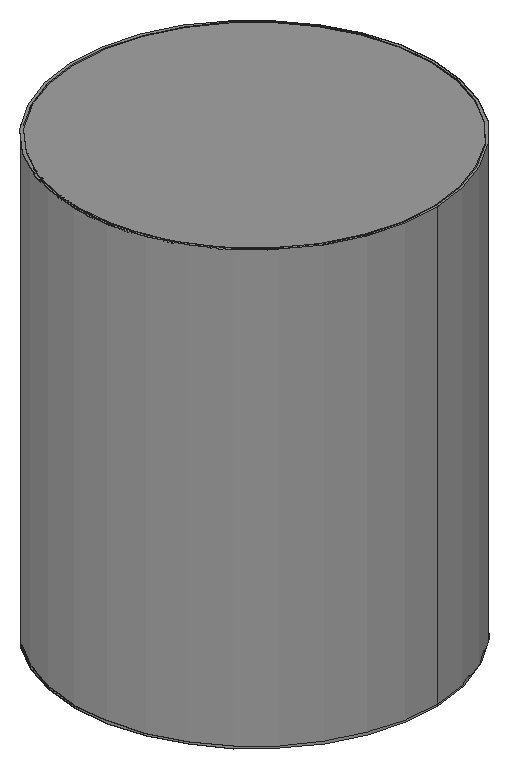
Revit family "Artemide_Tagora_Ceiling_270", category Lighting Fixtures, Revit 2018
Family settings
  Round Connector Dimension = Use Diameter
  Part Type = Normal
  Work Plane-Based = Yes
  Always vertical = Yes
  Cut with Voids When Loaded = No
  Light Source = Yes
  Shared = No
  Room Calculation Point = No
Parameters (values of type "Tagora_Ceiling_270_32°_3000K_Beige/White_M248621")
  Wattage = 34 W
  built-in parameter 1150110 = 1 (stored number, unit not read)
  Voltage = "-"
  built-in parameter 1114217 = 1 (stored number, unit not read)
  Tilt Angle = 90.00°
  built-in parameter 1150109 = 1 (stored number, unit not read)
  built-in parameter 1150134 = (empty or 0)
  built-in parameter 1150113 = 1 (stored number, unit not read)
  Radius_InternalCylinder = Radius_ExternalCyilinder - 2 mm  # 133 mm
  Radius_ExternalCyilinder = 135 mm
  Product Range = "Tagora"
  Photometric Web File = "M248621.IES"
  Max Height from ceiling = 0 mm
  M_HousingCylinder = Artemide_Aluminum_Beige
  M_Housing = Artemide_Aluminum_White
  M_Diffuser = Artemide_Glass_LightBulb
  built-in parameter 1150105 = 130.17 (stored number, unit not read)
  Lumens = 1635.74 lm
  built-in parameter 1150115 = 1 (stored number, unit not read)
  built-in parameter 1150137 = (empty or 0)
  built-in parameter 1150139 = (empty or 0)
  built-in parameter 1150112 = 1 (stored number, unit not read)
  built-in parameter 1150114 = 1 (stored number, unit not read)
  built-in parameter 1150132 = (empty or 0)
  built-in parameter 1150102 = (empty or 0)
  built-in parameter 1150107 = 3000 (stored number, unit not read)
  built-in parameter 1150138 = (empty or 0)
  built-in parameter 1150106 = 1.3017 (stored number, unit not read)
  IfcExportType = "NOT DEFINED"  # constant formula
  IfcExportAs = "IfcLightFixtureType"  # constant formula
  Weekly = "-"
  Warranty ID = "https://cloud.artemide.com/5-years-warranty"
  Upward Component  = 0
  Unified Glare Rating  = "-"
  Uniclass 2015 = "Pr_70_70_48"  # constant formula
  URL to O&M Manual = "https://www.artemide.com/contents/documenti/prodotto/tagora_soffitto_270_instructions2487976.pdf"
  URL to Energy Technology List = "-"
  Trim Material = "-"
  Trim Finish = "-"
  Trim Colour  = "-"
  Total Power = 0
  Total Light Output  = 0
  Testing method = "-"
  Supply Phase = 0
  Suitable for Photocell Control = "-"
  Suitable for Motion Detector Control = "N"
  Suitable for Dimming  = "Y"
  Suitable Dimmer Type = "DALI"
  Standards = "-"
  Shipping Weight = 0
  Service life  = "-"
  Secondary Rated Lamp Life = 0
  Secondary Lamp Voltage = 0
  Secondary Lamp International Type Code = "-"
  Secondary Lamp Initial Lumens  = 0
  Secondary Lamp Included = "-"
  Secondary Lamp Efficacy = 0
  Secondary Lamp Colour Temperature = 0
  Secondary Lamp Colour Rendering Index = 0
  Secondary Lamp Cap = "-"
  Secondary Lamp = "-"
  Responsible Sourcing of Materials = "-"
  Responsible Extraction of Materials = "-"
  Reflector Material = "-"
  Reflector Finish = "-"
  Rated Lamp Life = 50000
  Quarterly = "-"
  Product Model Number = "M248621"
  Product Literature = "https://www.artemide.com/en/subfamily/1650623/tagora-ceiling-270"
  Primary Lamp Type = "LED"
  Power Supply Kit = "-"
  Power Factor = 0
  Photocell = "-"
  Overall Width = 0
  Overall Light Output Ratio = 0
  Overall Length = 270
  Overall Height = 330
  Output Lumens Indirect light = 0
  Output Lumens Direct light = 1636
  Number of Secondary Lamps = 0
  Number of Primary Lamps = 1
  Number of Poles = 0
  Motion Sensor = "-"
  Motion Detector = "-"
  Monthly = "-"
  Minimum Operating Temperature = 0
  Maximum Operating Temperature = 0
  Material Ingredient Reporting = "-"
  Manufacturer Website = "https://www.artemide.com"
  Manufacturer = "Artemide"
  Maintenance Required: 8001-12000hrs  = "-"
  Maintenance Required: 601-1000hrs = "-"
  Maintenance Required: 4001-8000hrs  = "-"
  Maintenance Required: 301-600hrs  = "-"
  Maintenance Required: 2001-4000hrs  = "-"
  Maintenance Required: 1001-2000hrs  = "-"
  Maintenance Required: 0-300hrs  = "-"
  Luminance at 65deg Angle = 0
  Luminaire Type = "Ceiling lamp"
  Luminaire Maintenance Factor = 0
  Luminaire Cleaning Interval  = "-"
  Louvre/Lens = "-"
  Location of Manufacturer = "-"
  Light Output Pattern = "-"
  Light Fixture Mounting Type = "Ceiling"
  Life Cycle Analysis = "-"
  Lamp Survival Factor = "-"
  Lamp Replacement Interval = "-"
  Lamp Included = "Y"
  Lamp Holder Material = "-"
  Lamp Cap = "LED Integrated"
  LED lifetime = 50000
  LED Maintained Colour Variation         = 0
  LED Initial Colour Variation                      = 0
  International Type Code = "-"
  Intended Market = "Unset"
  Integral Fuse or Circuit Protection  = "-"
  Integral Emergency Lighting Battery Type = "-"
  Input Lumens Indirect light = 0
  Input Lumens Direct light = 3798
  Initial Lumens = 1636
  Infills = "-"
  IP Rating = "IP20"
  IK Rating = "-"
  IES Files  = "https://www.artemide.com/product/downloadFile/1678534/ieseu/4887678"
  Housing Material = "Aluminium"
  Housing Finish  = "Painted"
  Housing Colour  = "Beige/White"
  Hazardous Area Protection Type = "-"
  Hazardous Area Category = "-"
  Gross Weight = 4.8
  Green Guide for Specification = "-"
  Gasket Material = "-"
  Frequency  = 0
  Fixings = "-"
  Fixing Material = "-"
  Fire Shroud = "-"
  Fire Rating Duration = 0
  Fire Rated Temperature = 0
  Fire Rated = "-"
  Features = "Any additional components/accessories included in this file are required to complete the product/configuration and must be ordered separately.Please check the catalogue/dedicated brochure for more information"
  Face Width = 0
  Face Shape = "Cylindrical"
  Face Length = 0
  External Control Line Voltage = 0
  Expected Life = "-"
  Environmental Product Declaration = "-"
  End Caps/Transition Caps/Joints = "-"
  Emit from Circle Diameter = 122.7 mm
  Emit Shape Visible in Rendering = no
  Emergency light output percentage = 0
  Emergency Lighting Battery = "-"
  Emergency Charging Power       = 0
  Emergency = "N"
  Embodied Carbon  = 0
  Efficiency = 43
  built-in parameter 1150104 = 4.4696 (stored number, unit not read)
  Earth Point  = "-"
  ENEC Certification of European conformity = "N"
  Duration of Integral Emergency Lighting  = 0
  Drive Current                                          = 0
  Downward Component = 0
  Distance_HeightLamp = 329.5 mm
  Dimming Lamp Color Temperature Shift = <None>
  Diffusing screen = "-"
  Diffuser Material  = "-"
  Diffuser Finish = "-"
  Designed by = "S./R. Cornelissen"
  Default Elevation = 1219.2 mm
  Daylight Sensor = "-"
  Daily = "-"
  Cut Out Width = 0
  Cut Out Length = 0
  Current  = 0
  Control Gear Type = "-"
  Control Gear Standby Power  = 0
  Control Gear Required = "-"
  Control Gear Location = "-"
  Column = "-"
  Colour Temperature = 3000
  Colour Rendering Index = 90
  Color Filter = 16777215
  Cable Material = "-"
  CE Approval = "Y"
  Bespoke Timeframe = "-"
  Beam Angle Transverse Axis  = 0.00°
  Beam Angle Longditudinal Axis  = 0.00°
  Basis of lifetime luminaire failures        = 0
  Basis of lifetime lumen depreciation   = 0
  built-in parameter 1114218 = 1 (stored number, unit not read)
  built-in parameter 1150133 = 10 (stored number, unit not read)
  Application Environment = "Internal"
  Annually = "-"
  Ambient Temperature                             = 0
  Air Handling = "-"
  Access Clearance Top = 0
  Access Clearance Right = 0
  Access Clearance Rear = 0
  Access Clearance Left = 0
  Access Clearance Front = 0
  Access Clearance Bottom = 0
  6 Monthly = "-"
Types (20, lengths in mm): name | built-in parameter 1150134 | Photometric Web File | Max Height from ceiling | M_HousingCylinder | M_Housing | built-in parameter 1150105 | Lumens | built-in parameter 1150107 | built-in parameter 1150106 | Product Model Number | Output Lumens Direct light | Input Lumens Direct light | Initial Lumens | IES Files  | Housing Colour  | Efficiency | built-in parameter 1150104 | Colour Temperature
  Tagora_Ceiling_270_16°_3000K_Beige/White_M248421 | (empty or 0) | "M248421.IES" | 0 | Artemide_Aluminum_Beige | Artemide_Aluminum_White | 143.56 (stored number, unit not read) | 1804.04 lm | 3000 (stored number, unit not read) | 1.4356 (stored number, unit not read) | "M248421" | 1804 | 3798 | 1804 | "https://www.artemide.com/product/downloadFile/1676227/ieseu/4887893" | "Beige/White" | 47 | 4.9294 (stored number, unit not read) | 3000
  Tagora_Ceiling_270_16°_4000K_Beige/White_M248521 | 12 | "M248521.IES" | 2000 | Artemide_Aluminum_Beige | Artemide_Aluminum_White | 153.27 (stored number, unit not read) | 1926.1 lm | 4000 (stored number, unit not read) | 1.5327 (stored number, unit not read) | "M248521" | 1926 | 4054 | 1926 | "https://www.artemide.com/product/downloadFile/1676437/ieseu/4887863" | "Beige/White" | 48 | 5.263 (stored number, unit not read) | 4000
  Tagora_Ceiling_270_32°_3000K_Beige/White_M248621 | (empty or 0) | "M248621.IES" | 0 | Artemide_Aluminum_Beige | Artemide_Aluminum_White | 130.17 (stored number, unit not read) | 1635.74 lm | 3000 (stored number, unit not read) | 1.3017 (stored number, unit not read) | "M248621" | 1636 | 3798 | 1636 | "https://www.artemide.com/product/downloadFile/1678534/ieseu/4887678" | "Beige/White" | 43 | 4.4696 (stored number, unit not read) | 3000
  Tagora_Ceiling_270_32°_4000K_Beige/White_M248721 | 12 | "M248721.IES" | 0 | Artemide_Aluminum_Beige | Artemide_Aluminum_White | 138.77 (stored number, unit not read) | 1743.86 lm | 4000 (stored number, unit not read) | 1.3877 (stored number, unit not read) | "M248721" | 1744 | 4054 | 1744 | "https://www.artemide.com/product/downloadFile/1678832/ieseu/4887777" | "Beige/White" | 43 | 4.765 (stored number, unit not read) | 4000
  Tagora_Ceiling_270_16°_3000K_Grey/White_M248461 | (empty or 0) | "M248461.IES" | 0 | Artemide_Aluminum_Grey | Artemide_Aluminum_White | 143.56 (stored number, unit not read) | 1804.04 lm | 3000 (stored number, unit not read) | 1.4356 (stored number, unit not read) | "M248461" | 1804 | 3798 | 1804 | "https://www.artemide.com/product/downloadFile/1676017/ieseu/4887976" | "Grey/White" | 47 | 4.9294 (stored number, unit not read) | 3000
  Tagora_Ceiling_270_16°_4000K_Grey/White_M248561 | 12 | "M248561.IES" | 0 | Artemide_Aluminum_Grey | Artemide_Aluminum_White | 153.27 (stored number, unit not read) | 1926.1 lm | 4000 (stored number, unit not read) | 1.5327 (stored number, unit not read) | "M248561" | 1926 | 4054 | 1926 | "https://www.artemide.com/product/downloadFile/1676729/ieseu/4887604" | "Grey/White" | 48 | 5.263 (stored number, unit not read) | 4000
  Tagora_Ceiling_270_32°_3000K_Grey/White_M248661 | (empty or 0) | "M248661.IES" | 0 | Artemide_Aluminum_Grey | Artemide_Aluminum_White | 130.17 (stored number, unit not read) | 1635.74 lm | 3000 (stored number, unit not read) | 1.3017 (stored number, unit not read) | "M248661" | 1636 | 3798 | 1636 | "https://www.artemide.com/product/downloadFile/1678067/ieseu/4887747" | "Grey/White" | 43 | 4.4696 (stored number, unit not read) | 3000
  Tagora_Ceiling_270_32°_4000K_Grey/White_M248761 | 12 | "M248761.IES" | 0 | Artemide_Aluminum_Grey | Artemide_Aluminum_White | 138.77 (stored number, unit not read) | 1743.86 lm | 4000 (stored number, unit not read) | 1.3877 (stored number, unit not read) | "M248761" | 1744 | 4054 | 1744 | "https://www.artemide.com/product/downloadFile/1678322/ieseu/4887959" | "Grey/White" | 43 | 4.765 (stored number, unit not read) | 4000
  Tagora_Ceiling_270_16°_3000K_Black/Orange_M248411 | (empty or 0) | "M248411.IES" | 0 | Artemide_Aluminum_Black | Artemide_Aluminum_Orange | 143.56 (stored number, unit not read) | 1804.04 lm | 3000 (stored number, unit not read) | 1.4356 (stored number, unit not read) | "M248411" | 1804 | 3798 | 1804 | "https://www.artemide.com/product/downloadFile/1675733/ieseu/4887809" | "Black/Orange" | 47 | 4.9294 (stored number, unit not read) | 3000
  Tagora_Ceiling_270_16°_4000K_Black/Orange_M248511 | 12 | "M248511.IES" | 0 | Artemide_Aluminum_Black | Artemide_Aluminum_Orange | 153.27 (stored number, unit not read) | 1926.1 lm | 4000 (stored number, unit not read) | 1.5327 (stored number, unit not read) | "M248511" | 1926 | 4054 | 1926 | "https://www.artemide.com/product/downloadFile/1676933/ieseu/4887941" | "Black/Orange" | 48 | 5.263 (stored number, unit not read) | 4000
  Tagora_Ceiling_270_32°_3000K_Black/Orange_M248611 | (empty or 0) | "M248611.IES" | 0 | Artemide_Aluminum_Black | Artemide_Aluminum_Orange | 130.17 (stored number, unit not read) | 1635.74 lm | 3000 (stored number, unit not read) | 1.3017 (stored number, unit not read) | "M248611" | 1636 | 3798 | 1636 | "https://www.artemide.com/product/downloadFile/1677853/ieseu/4887840" | "Black/Orange" | 43 | 4.4696 (stored number, unit not read) | 3000
  Tagora_Ceiling_270_32°_4000K_Black/Orange_M248711 | 12 | "M248711.IES" | 0 | Artemide_Aluminum_Black | Artemide_Aluminum_Orange | 138.77 (stored number, unit not read) | 1743.86 lm | 4000 (stored number, unit not read) | 1.3877 (stored number, unit not read) | "M248711" | 1744 | 4054 | 1744 | "https://www.artemide.com/product/downloadFile/1678832/ieseu/4887777" | "Black/Orange" | 43 | 4.765 (stored number, unit not read) | 4000
  Tagora_Ceiling_270_16°_3000K_Black/Blue_M248431 | (empty or 0) | "M248431.IES" | 0 | Artemide_Aluminum_Black | Artemide_Aluminum_Blue | 143.56 (stored number, unit not read) | 1804.04 lm | 3000 (stored number, unit not read) | 1.4356 (stored number, unit not read) | "M248431" | 1804 | 3798 | 1804 | "https://www.artemide.com/product/downloadFile/2487507/ieseu/4887877" | "Black/Blue" | 47 | 4.9294 (stored number, unit not read) | 3000
  Tagora_Ceiling_270_16°_4000K_Black/Blue_M248531 | 12 | "M248531.IES" | 0 | Artemide_Aluminum_Black | Artemide_Aluminum_Blue | 153.27 (stored number, unit not read) | 1926.1 lm | 4000 (stored number, unit not read) | 1.5327 (stored number, unit not read) | "M248531" | 1926 | 4054 | 1926 | "https://www.artemide.com/product/downloadFile/2488258/ieseu/4887704" | "Black/Blue" | 48 | 5.263 (stored number, unit not read) | 4000
  Tagora_Ceiling_270_32°_3000K_Black/Blue_M248631 | (empty or 0) | "M248631.IES" | 0 | Artemide_Aluminum_Black | Artemide_Aluminum_Blue | 130.17 (stored number, unit not read) | 1635.74 lm | 3000 (stored number, unit not read) | 1.3017 (stored number, unit not read) | "M248631" | 1636 | 3798 | 1636 | "https://www.artemide.com/product/downloadFile/2488804/ieseu/4887696" | "Black/Blue" | 43 | 4.4696 (stored number, unit not read) | 3000
  Tagora_Ceiling_270_32°_4000K_Black/Blue_M248731 | 12 | "M248731.IES" | 0 | Artemide_Aluminum_Black | Artemide_Aluminum_Blue | 138.77 (stored number, unit not read) | 1743.86 lm | 4000 (stored number, unit not read) | 1.3877 (stored number, unit not read) | "M248731" | 1744 | 4054 | 1744 | "https://www.artemide.com/product/downloadFile/2489330/ieseu/4887715" | "Black/Blue" | 43 | 4.765 (stored number, unit not read) | 4000
  Tagora_Ceiling_270_16°_3000K_Black/Green_M248441 | (empty or 0) | "M248441.IES" | 0 | Artemide_Aluminum_Black | Artemide_Aluminum_Green | 143.56 (stored number, unit not read) | 1804.04 lm | 3000 (stored number, unit not read) | 1.4356 (stored number, unit not read) | "M248441" | 1804 | 3798 | 1804 | "https://www.artemide.com/product/downloadFile/2487748/ieseu/4887759" | "Black/Green" | 47 | 4.9294 (stored number, unit not read) | 3000
  Tagora_Ceiling_270_16°_4000K_Black/Green_M248541 | 12 | "M248541.IES" | 0 | Artemide_Aluminum_Black | Artemide_Aluminum_Green | 153.27 (stored number, unit not read) | 1926.1 lm | 4000 (stored number, unit not read) | 1.5327 (stored number, unit not read) | "M248541" | 1926 | 4054 | 1926 | "https://www.artemide.com/product/downloadFile/2487997/ieseu/4887972" | "Black/Green" | 48 | 5.263 (stored number, unit not read) | 4000
  Tagora_Ceiling_270_32°_3000K_Black/Green_M248641 | (empty or 0) | "M248641.IES" | 0 | Artemide_Aluminum_Black | Artemide_Aluminum_Green | 130.17 (stored number, unit not read) | 1635.74 lm | 3000 (stored number, unit not read) | 1.3017 (stored number, unit not read) | "M248641" | 1636 | 3798 | 1636 | "https://www.artemide.com/product/downloadFile/2488543/ieseu/4887993" | "Black/Green" | 43 | 4.4696 (stored number, unit not read) | 3000
  Tagora_Ceiling_270_32°_4000K_Black/Green_M248741 | 12 | "M248741.IES" | 0 | Artemide_Aluminum_Black | Artemide_Aluminum_Green | 138.77 (stored number, unit not read) | 1743.86 lm | 4000 (stored number, unit not read) | 1.3877 (stored number, unit not read) | "M248741" | 1744 | 4054 | 1744 | "https://www.artemide.com/product/downloadFile/2489069/ieseu/4887923" | "Black/Green" | 43 | 4.765 (stored number, unit not read) | 4000
Reference planes
  plane 1 "Center (Front/Back)": y = 0
  plane 2 "Top Lamp": z = 0
  plane 3 "Center (Left/Right)": x = 0
  plane 4 "Bottom Internal Cone": z = -328
  plane 5 "Middle Internal Cone": z = -153.5
  plane 6: z = -152
  plane 7 "Top Internal Cone": z = -138.281
  plane 8 "Center L/T": z = -139.781
  plane 9 "Bottom Lamp": z = -329.5
  plane 10 "Light": z = -145.558
  plane 11: z = -1.5
  plane 12: z = -156.117
Forms (mm)
  Extrusion 1, solid, material "Artemide_Aluminum_Beige" <- "M_HousingCylinder"
    sketch origin (0, 0, 0) x (1, 0, 0) y (0, 1, 0)
      loop
        circle (0, 0) r 135
      loop
        circle (0, 0) r 133
    from -328 to 0
  Extrusion 2, solid, material "Artemide_Aluminum_Beige" <- "M_HousingCylinder"
    sketch origin (0, 0, 0) x (1, 0, 0) y (0, 1, 0)
      loop
        circle (0, 0) r 133
    from -1.5 to 0
  Revolve 3, solid, material "Artemide_Aluminum_White" <- "M_Housing"
    sketch origin (0, 0, 0) x (1, 0, 0) y (0, 0, 1)
      loop
        arc (-52.753, -138.281) -> (-57.013, -146.865) -> (-65.106, -152) r 17.814
        line (-65.106, -152) -> (-60.564, -152)
        arc (-60.564, -152) -> (-54.657, -146.841) -> (-51.243, -139.781) r 19.614
        line (-51.243, -139.781) -> (0, -139.781) -> (0, -138.281) -> (-52.753, -138.281)
      axis (0, -138.281) -> (0, -152)
    angle from 0 to 360
  Revolve 4, solid, material "Artemide_Glass_LightBulb" <- "M_Diffuser"
    sketch origin (0, 0, 0) x (1, 0, 0) y (0, 0, 1)
      loop
        arc (-64.134, -152) -> (-61.649, -153.319) -> (-61.35, -156.117) r 3
        line (-61.35, -156.117) -> (0, -156.117) -> (0, -152) -> (-64.134, -152)
      axis (0, -152) -> (0, -156.117)
    angle from 0 to 360
  Revolve 5, solid, material "Artemide_Aluminum_White" <- "M_Housing"
    sketch origin (0, 0, 0) x (1, 0, 0) y (0, 0, 1)
      loop
        line (-74.916, -152) -> (-74.916, -153.5) -> (-64.134, -153.5)
        arc (-64.134, -153.5) -> (-62.892, -154.161) -> (-62.742, -155.561) r 1.502
        line (-62.742, -155.561) -> (-131.916, -328) -> (-135, -328) -> (-135, -329.5) -> (-130.903, -329.5) -> (-61.35, -156.117)
        arc (-61.35, -156.117) -> (-61.649, -153.319) -> (-64.134, -152) r 3
        line (-64.134, -152) -> (-74.916, -152)
      axis (0, -152) -> (0, -329.5)
    angle from 0 to 360
Dimensions and locks
  locked: level to plane 11 at 1.5
  "Distance_HeightLamp": plane 2 "Top Lamp" to plane 9 "Bottom Lamp"
  locked: plane 4 "Bottom Internal Cone" to plane 9 "Bottom Lamp" at 1.5
  locked: plane 7 "Top Internal Cone" to plane 8 "Center L/T" at 1.5
  locked: plane 8 "Center L/T" to imposter light at 5.777
  locked: plane 6 to plane 5 "Middle Internal Cone" at 1.5
  locked: plane 6 to plane 12 at 4.117
  locked: plane 7 "Top Internal Cone" to plane 12 at 17.836
  "Radius_ExternalCyilinder": radius of Extrusion 1 sketch curve
  "Radius_InternalCylinder": radius of Extrusion 1 sketch curve
  "Radius_InternalCylinder": radius of Extrusion 2 sketch curve
  aligned and locked: level to plane 2 "Top Lamp"
  aligned and locked: plane 10 "Light" to imposter light
  aligned and locked: plane 3 "Center (Left/Right)" to imposter light
  aligned and locked: imposter light to plane 1 "Center (Front/Back)"
  aligned and locked: plane 3 "Center (Left/Right)" to Extrusion 1 sketch curve  (x2)
  aligned and locked: plane 1 "Center (Front/Back)" to Extrusion 1 sketch curve  (x2)
  aligned and locked: Extrusion 1 to plane 4 "Bottom Internal Cone"
  aligned and locked: plane 2 "Top Lamp" to Extrusion 1
  aligned and locked: plane 3 "Center (Left/Right)" to Extrusion 2 sketch curve
  aligned and locked: plane 1 "Center (Front/Back)" to Extrusion 2 sketch curve
  aligned and locked: plane 2 "Top Lamp" to Extrusion 2
  aligned and locked: Extrusion 2 to plane 11
  aligned and locked: Revolve 3 sketch curve to plane 7 "Top Internal Cone"
  aligned and locked: plane 8 "Center L/T" to Revolve 3 sketch curve
  aligned and locked: Revolve 3 sketch curve to plane 6
  aligned and locked: Revolve 3 sketch curve to plane 3 "Center (Left/Right)"
  aligned and locked: Revolve 4 sketch curve to plane 6
  aligned and locked: plane 12 to Revolve 4 sketch curve
  aligned and locked: Revolve 4 sketch curve to plane 3 "Center (Left/Right)"
  aligned and locked: Revolve 5 sketch curve to plane 6
  aligned and locked: plane 5 "Middle Internal Cone" to Revolve 5 sketch curve
  aligned and locked: Revolve 5 sketch curve to plane 4 "Bottom Internal Cone"
  aligned and locked: plane 9 "Bottom Lamp" to Revolve 5 sketch curve
  aligned and locked: Revolve 5 sketch curve to plane 3 "Center (Left/Right)"
Automatic sketch dimensions
  Revolve 3 sketch curve to Revolve 3 sketch curve = 0 mm  (x2)
  Revolve 3 sketch curve to plane 3 "Center (Left/Right)" = 0 mm
  Revolve 3 sketch curve to plane 3 "Center (Left/Right)" = 51.243 mm
  Revolve 3 sketch curve to Revolve 3 sketch curve = 1.51 mm
  plane 7 "Top Internal Cone" to Revolve 3 sketch curve = 3.335 mm
  Revolve 3 sketch curve to Revolve 3 sketch curve = 17.499 mm
  Revolve 3 sketch curve to plane 9 "Bottom Lamp" = 1210.919 mm
  level to Revolve 3 sketch curve = 2214.315 mm
  Revolve 4 sketch curve to plane 3 "Center (Left/Right)" = 0 mm
  plane 12 to Revolve 4 sketch curve = 1.117 mm
  Revolve 4 sketch curve to plane 3 "Center (Left/Right)" = 64.134 mm
  Revolve 4 sketch curve to plane 9 "Bottom Lamp" = 1210.919 mm
  level to Revolve 4 sketch curve = 2214.315 mm
  Revolve 5 sketch curve to plane 12 = 0 mm
  Revolve 5 sketch curve to plane 3 "Center (Left/Right)" = 135 mm
  Revolve 5 sketch curve to Revolve 5 sketch curve = 3.084 mm
  Revolve 5 sketch curve to Revolve 5 sketch curve = 1.014 mm
  plane 12 to Revolve 5 sketch curve = 1.115 mm
  Revolve 5 sketch curve to plane 3 "Center (Left/Right)" = 64.136 mm
  Revolve 5 sketch curve to Revolve 5 sketch curve = 0.001 mm
  Revolve 5 sketch curve to Revolve 5 sketch curve = 0 mm
  plane 12 to Revolve 5 sketch curve = 0.556 mm
  Revolve 5 sketch curve to Revolve 5 sketch curve = 1.392 mm
  Revolve 5 sketch curve to Revolve 5 sketch curve = 10.782 mm
  Revolve 5 sketch curve to plane 9 "Bottom Lamp" = 1210.919 mm
  level to Revolve 5 sketch curve = 2214.315 mm
